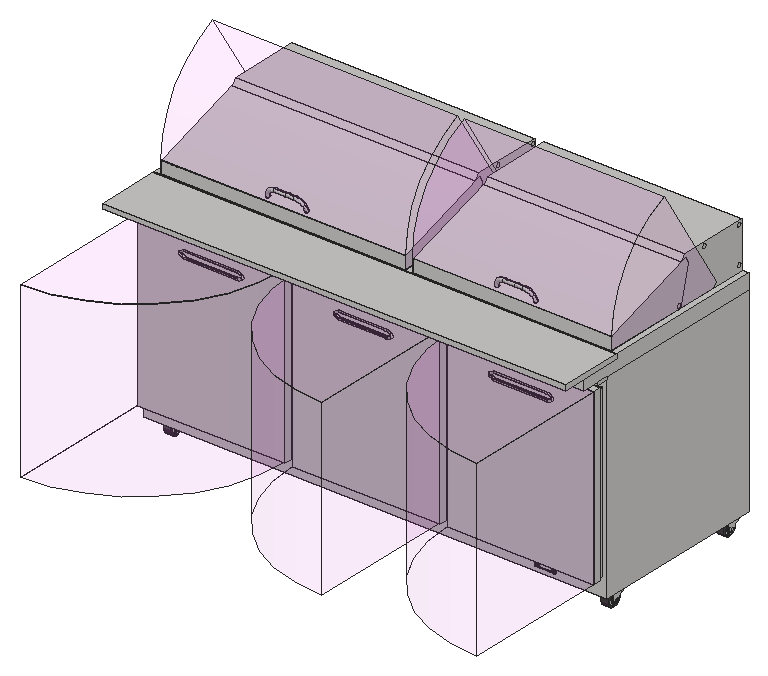
Revit family "QF_Kelvinator_738262_KCHMT70.30", category Specialty Equipment, Revit 2021
Family settings
  Round Connector Dimension = Use Diameter
  Part Type = Normal
  Work Plane-Based = No
  Always vertical = Yes
  Cut with Voids When Loaded = No
  Shared = No
  Room Calculation Point = No
Parameters
  Weight in Pounds = 291.01
  Weight = 132.00 lbm
  Watts = 0 W
  Volts = 115 V
  URL Manufacturer = "KELVINATOR"
  URL Cutsheet = ""
  URL = "KELVINATOR"
  Specification by User = ""
  Specification by Manufacturer = ""
  Serial Number = ""
  Seismic Rating = ""
  SMACNA No = ""
  Revision Code = ""
  Refrigerant Type = "R290"
  Phase = 1
  Number of Poles = 1
  NAFEM Spec ID Number = ""
  Model = "KCHMT70.30"
  Min Ckt Ampacity = 0 A
  Max Overcurrent Protection = 0 A
  Masterspec = ""
  Manufacturer = "Kelvinator"
  Length Actual = 1822"
  Length = 71 3/4"
  Item Number = "738262"
  Installed By = ""
  Identify Quantity as Lot = yes
  Height Actual = 1100"
  Height = 43.307"
  HP = "1 HP"
  Gas KW = 0
  Furnished By = ""
  Foodservice Equipment Identifier = yes
  FL Amps = 4.3 A
  Electrical Remarks = ""
  Electric Connection Type = ""
  Elec Conn RI Height = 0"
  Elec Conn Connection Height = 0"
  Description = "3-DOOR MEGA TOP PREP 72\" LONG 30-1/6 PAN"
  Depth Actual = 900"
  Depth = 35 7/16"
  Default Elevation = 0"
  Cycle = 60 Hz
  Conn Plug = "5-15P"
  Conn Conduit = yes
  CSI MasterFormat = ""
  Apparent Power = 0 VA
  Accessory = no
Reference planes (in)
  plane 1 "BACK": y = 0
  plane 2: z = 0
  plane 3 "LEFT": x = 0
  plane 4 "RIGHT": x = 71.75
  plane 5 "FRONT": y = -35.4375
  plane 6 "TOP": z = 43.307
  plane 7 "Center Y": x = 35.875
  plane 8 "Center X": y = -17.71875
Dimensions and locks (in)
  equal spacing: plane 3 "LEFT", plane 7 "Center Y", plane 4 "RIGHT"
  "Length": plane 3 "LEFT" to plane 4 "RIGHT"
  equal spacing: plane 5 "FRONT", plane 8 "Center X", plane 1 "BACK"
  "Depth": plane 5 "FRONT" to plane 1 "BACK"
  "Height": plane 6 "TOP" to level
  aligned and locked: level to plane 2
Nested families (in)
  nested 1: "KCHST" at (0, 0, 0), type "KCHST"
    with Show Clearance yes
Connectors (in)
  electrical at (35.857, -0.87772, 2.31881), driven by "Volts", driven by "Watts"
    settings: on nested 1, index 1, voltage 115 V, apparent load 0 VA, apparent load phase1 0 VA, apparent load phase2 0 VA, apparent load phase3 0 VA, power factor 1, load classification "Power", number of poles 1, system type 30, power factor state 1, is connector primary yes, connector utility no, sub classification motor no, connector description "Electrical Connection"
Definition of nested family "KCHST"
  Parameters (values of type "KCHST")
    Weight in Pounds = 0
    URL Cutsheet = ""
    Specification by User = ""
    Specification by Manufacturer = ""
    Show Clearance [instance] = yes
    Serial Number = ""
    Seismic Rating = ""
    SMACNA No = ""
    Revision Code = ""
    NAFEM Spec ID Number = ""
    Masterspec = ""
    Length = 71 3/4"
    Item Number = ""
    Installed By = ""
    Identify Quantity as Lot = yes
    Height = 43.307"
    Furnished By = ""
    Foodservice Equipment Identifier = yes
    Depth = 35.433"
    Default Elevation = 0"
    CSI MasterFormat = ""
  Reference planes (in)
    plane 1 "BACK": y = 0
    plane 2: z = 0
    plane 3 "LEFT": x = 0
    plane 4 "RIGHT": x = 71.75
    plane 5 "FRONT": y = -35.433
    plane 6 "TOP": z = 43.307
    plane 7 "Center Y": x = 35.875
    plane 8 "Center X": y = -17.7165
    plane 9: z = 3.1
    plane 10: z = 33.9
    plane 11: y = -25.5
    plane 12: z = 36.2
    plane 13: y = -56
    plane 14: y = -29.2
    plane 15: z = 32.4
    plane 16: z = 5.6
    plane 17: y = -27.5
    plane 18: x = 69.75
    plane 19: x = 2
    plane 20: x = 59.87895
    plane 21: x = 38.8
    plane 22: x = 1
    plane 23: x = 0.5
    plane 24: x = 71.25
    plane 25: x = 11.87105
    plane 26: x = 35.87895
    plane 27: x = 70.75
    plane 28: x = 40.12
    plane 29: x = 70.68
    plane 30: x = 55.4
    plane 31: x = 40.05
    plane 32: x = 1.07
    plane 33: x = 38.73
    plane 34: y = -31.9
    plane 35: through (0, -9.9541, 41.78057) normal (0, 0.9659, -0.2588)
    plane 36: x = 0.80063
    plane 37: x = 38.99937
    plane 38: x = 39.925
    plane 39: x = 70.875
  Forms (in)
    Extrusion 1, solid
      sketch origin (0, 0, 0) x (0, 1, 0) y (0, 0, 1)
        loop
          line (-27.5, 33.9) -> (-27.5, 3.1) -> (0, 3.1) -> (0, 33.9) -> (-27.5, 33.9)
      from 0 to 71.75
    Extrusion 2, solid
      sketch origin (0, 0, 0) x (0, 1, 0) y (0, 0, 1)
        loop
          line (-25.5, 36.2) -> (-25.5, 35.45) -> (-31.9, 35.45) -> (-31.9, 33.9) -> (0, 33.9) -> (0, 36.2) -> (-25.5, 36.2)
      from 0 to 71.75
    Extrusion 3, solid
      sketch origin (0, 0, 0) x (0, 1, 0) y (0, 0, 1)
        loop
          line (-35.433, 36.2) -> (-35.433, 35.45) -> (-25.5, 35.45) -> (-25.5, 36.2) -> (-35.433, 36.2)
      from 0 to 71.75
    Extrusion 4, solid
      sketch origin (0, 0, 0) x (0, 1, 0) y (0, 0, 1)
        loop
          line (-29.2, 33.9) -> (-29.2, 33.4) -> (-27.5, 33.4) -> (-27.5, 33.9) -> (-29.2, 33.9)
      from 0 to 71.75
    Extrusion 5, solid
      sketch origin (-5.72957, -27.5, -4.77927) x (-1, 0, 0) y (0, 0, 1)
        loop
          line (-66.49177, 9.70772) -> (-69.64138, 9.70772) -> (-69.64138, 8.52662) -> (-66.49177, 8.52662) -> (-66.49177, 9.70772)
        loop
          line (-66.57052, 9.63107) -> (-66.96422, 9.63107) -> (-66.96422, 9.31193) -> (-66.57052, 9.31193) -> (-66.57052, 9.63107)
        loop
          line (-66.57052, 9.27674) -> (-66.96422, 9.27674) -> (-66.96422, 8.9576) -> (-66.57052, 8.9576) -> (-66.57052, 9.27674)
        loop
          line (-66.57052, 8.92241) -> (-66.96422, 8.92241) -> (-66.96422, 8.60327) -> (-66.57052, 8.60327) -> (-66.57052, 8.92241)
        loop
          line (-69.56264, 9.63107) -> (-69.56264, 9.31193) -> (-69.16894, 9.31193) -> (-69.16894, 9.63107) -> (-69.56264, 9.63107)
        loop
          line (-69.56264, 9.27674) -> (-69.56264, 8.9576) -> (-69.16894, 8.9576) -> (-69.16894, 9.27674) -> (-69.56264, 9.27674)
        loop
          line (-69.56264, 8.92241) -> (-69.56264, 8.60327) -> (-69.16894, 8.60327) -> (-69.16894, 8.92241) -> (-69.56264, 8.92241)
        loop
          line (-67.0417, 9.63107) -> (-69.09146, 9.63107) -> (-69.09146, 8.60716) -> (-67.0417, 8.60716) -> (-67.0417, 9.63107)
      from 0.07874 to -0.04602
    Extrusion 6, solid
      sketch origin (-5.72957, -27.54602, -4.77927) x (1, 0, 0) y (0, 0, 1)
        loop
          line (69.16894, 9.63107) -> (69.16894, 9.31193) -> (69.56264, 9.31193) -> (69.56264, 9.63107) -> (69.16894, 9.63107)
        loop
          line (69.16894, 9.27674) -> (69.16894, 8.9576) -> (69.56264, 8.9576) -> (69.56264, 9.27674) -> (69.16894, 9.27674)
        loop
          line (69.16894, 8.92241) -> (69.16894, 8.60327) -> (69.56264, 8.60327) -> (69.56264, 8.92241) -> (69.16894, 8.92241)
        loop
          line (66.96422, 9.63107) -> (66.57052, 9.63107) -> (66.57052, 9.31193) -> (66.96422, 9.31193) -> (66.96422, 9.63107)
        loop
          line (66.96422, 9.27674) -> (66.57052, 9.27674) -> (66.57052, 8.9576) -> (66.96422, 8.9576) -> (66.96422, 9.27674)
        loop
          line (66.96422, 8.92241) -> (66.57052, 8.92241) -> (66.57052, 8.60327) -> (66.96422, 8.60327) -> (66.96422, 8.92241)
      from 0 to -0.07874
    Extrusion 7, solid
      sketch origin (-5.72957, -27.54602, -4.77927) x (1, 0, 0) y (0, 0, 1)
        loop
          line (67.0417, 9.63107) -> (67.0417, 8.60716) -> (69.09146, 8.60716) -> (69.09146, 9.63107) -> (67.0417, 9.63107)
      from 0 to -0.07874
    Extrusion 8, void
      sketch origin (-5.72957, -27.5, -4.77927) x (-1, 0, 0) y (0, 0, 1)
        loop
          line (-66.49177, 9.70772) -> (-69.64138, 9.70772) -> (-69.64138, 8.52662) -> (-66.49177, 8.52662) -> (-66.49177, 9.70772)
      from 0 to 0.07874
    Extrusion 9, solid
      sketch origin (-21.40625, -3.56521, 3.1) x (-1, 0, 0) y (0, 1, 0)
        loop
          circle (-57.26325, 2.68749) r 0.25
      from 0 to 0.78119
    Extrusion 10, solid
      sketch origin (35.875, 6.90541, 48) x (0, 1, 0) y (0, 0, -1)
        loop
          line (-36.10541, 15.6) -> (-34.95211, 15.6) -> (-34.95211, 42.4) -> (-36.10541, 42.4) -> (-36.10541, 15.6)
      from -12.625 to -35.357
    Extrusion 11, solid
      sketch origin (48.25, 0, 0) x (0, 1, 0) y (0, 0, -1)
        loop
          line (-28.04671, -32.20449) -> (-27.79671, -32.20449) -> (-27.79671, -5.81322) -> (-28.04671, -5.81322) -> (-28.04671, -32.20449)
      from -22.7579 to -0.5
    Extrusion 12, solid
      sketch origin (48.25, 0.25, 0) x (0, 1, 0) y (0, 0, -1)
        loop
          line (-28.04671, -32.20449) -> (-27.864, -32.20449) -> (-27.864, -5.81322) -> (-28.04671, -5.81322) -> (-28.04671, -32.20449)
      from -22.7579 to -0.5
    Extrusion 13, solid
      sketch origin (48.25, 0.4327, 0) x (0, 1, 0) y (0, 0, -1)
        loop
          line (-28.04671, -32.20449) -> (-27.9327, -32.20449) -> (-27.9327, -5.81322) -> (-28.04671, -5.81322) -> (-28.04671, -32.20449)
      from -22.7579 to -0.5
    Extrusion 14, void
      sketch origin (85.65318, -29.19996, 31.5181) x (0, 0, 1) y (1, 0, 0)
        loop
          line (-1.94791, -21.59923) -> (-2.28462, -21.06051)
          arc (-2.28462, -21.06051) -> (-2.38541, -21.00464) -> (-2.48621, -21.06051) r 0.11887
          line (-2.48621, -21.06051) -> (-2.82291, -21.59923) -> (-2.82291, -29.94923) -> (-2.48479, -30.49023)
          arc (-2.48479, -30.49023) -> (-2.38541, -30.54531) -> (-2.28604, -30.49023) r 0.11719
          line (-2.28604, -30.49023) -> (-1.94791, -29.94923) -> (-1.94791, -21.59923)
      from 0 to 0.31887
    Sweep 15, solid
      path origin (85.65318, -26.39996, 31.5181) x (0, 0, -1) y (1, 0, 0)
        loop
          line (2.82291, -29.94923) -> (2.82291, -21.59923) -> (2.48621, -21.06051)
          arc (2.48621, -21.06051) -> (2.38541, -21.00464) -> (2.28462, -21.06051) r 0.11887
          line (2.28462, -21.06051) -> (1.94791, -21.59923) -> (1.94791, -29.94923) -> (2.28604, -30.49023)
          arc (2.28604, -30.49023) -> (2.38541, -30.54531) -> (2.48479, -30.49023) r 0.11719
          line (2.48479, -30.49023) -> (2.82291, -29.94923)
      profile origin (59.87895, -26.39996, 28.69519) x (0, 0, 1) y (0, -1, 0)
        loop
          arc (0, 2.8) -> (-0.125, 2.85269) -> (-0.25, 2.8) r 0.17461
          line (-0.25, 2.8) -> (0, 2.8)
    Extrusion 16, solid
      sketch origin (35.875, 6.90541, 48) x (0, 1, 0) y (0, 0, 1)
        loop
          line (-36.10541, -15.6) -> (-36.10541, -42.4) -> (-34.95211, -42.4) -> (-34.95211, -15.6) -> (-36.10541, -15.6)
      from -12.625 to -35.375
    Extrusion 17, solid
      sketch origin (23.5, 0, 0) x (0, 1, 0) y (0, 0, 1)
        loop
          line (-28.04671, 32.20449) -> (-28.04671, 5.81322) -> (-27.79671, 5.81322) -> (-27.79671, 32.20449) -> (-28.04671, 32.20449)
      from -22.7579 to -0.5
    Extrusion 18, solid
      sketch origin (23.5, 0.25, 0) x (0, 1, 0) y (0, 0, 1)
        loop
          line (-28.04671, 32.20449) -> (-28.04671, 5.81322) -> (-27.864, 5.81322) -> (-27.864, 32.20449) -> (-28.04671, 32.20449)
      from -22.7579 to -0.5
    Extrusion 19, solid
      sketch origin (23.5, 0.4327, 0) x (0, 1, 0) y (0, 0, 1)
        loop
          line (-28.04671, 32.20449) -> (-28.04671, 5.81322) -> (-27.9327, 5.81322) -> (-27.9327, 32.20449) -> (-28.04671, 32.20449)
      from -22.7579 to -0.5
    Extrusion 20, void
      sketch origin (-13.90318, -29.19996, 31.5181) x (0, 0, 1) y (1, 0, 0)
        loop
          line (-1.94791, 21.59923) -> (-1.94791, 29.94923) -> (-2.28604, 30.49023)
          arc (-2.28604, 30.49023) -> (-2.38541, 30.54531) -> (-2.48479, 30.49023) r 0.11719
          line (-2.48479, 30.49023) -> (-2.82291, 29.94923) -> (-2.82291, 21.59923) -> (-2.48621, 21.06051)
          arc (-2.48621, 21.06051) -> (-2.38541, 21.00464) -> (-2.28462, 21.06051) r 0.11887
          line (-2.28462, 21.06051) -> (-1.94791, 21.59923)
      from 0 to 0.31887
    Sweep 21, solid
      path origin (-13.90318, -26.39996, 31.5181) x (0, 0, -1) y (1, 0, 0)
        loop
          line (2.82291, 29.94923) -> (2.48479, 30.49023)
          arc (2.48479, 30.49023) -> (2.38541, 30.54531) -> (2.28604, 30.49023) r 0.11719
          line (2.28604, 30.49023) -> (1.94791, 29.94923) -> (1.94791, 21.59923) -> (2.28462, 21.06051)
          arc (2.28462, 21.06051) -> (2.38541, 21.00464) -> (2.48621, 21.06051) r 0.11887
          line (2.48621, 21.06051) -> (2.82291, 21.59923) -> (2.82291, 29.94923)
      profile origin (11.87105, -26.39996, 28.69519) x (0, 0, -1) y (0, -1, 0)
        loop
          line (0, 2.8) -> (0.25, 2.8)
          arc (0.25, 2.8) -> (0.125, 2.85269) -> (0, 2.8) r 0.17461
    Extrusion 22, solid
      sketch origin (11.875, 6.90541, 48) x (0, 1, 0) y (0, 0, -1)
        loop
          line (-36.10541, 15.6) -> (-34.95211, 15.6) -> (-34.95211, 42.4) -> (-36.10541, 42.4) -> (-36.10541, 15.6)
      from -12.625 to -35.375
    Extrusion 23, solid
      sketch origin (24.25, 0, 0) x (0, 1, 0) y (0, 0, -1)
        loop
          line (-28.04671, -32.20449) -> (-27.79671, -32.20449) -> (-27.79671, -5.81322) -> (-28.04671, -5.81322) -> (-28.04671, -32.20449)
      from -22.7579 to -0.5
    Extrusion 24, solid
      sketch origin (24.25, 0.25, 0) x (0, 1, 0) y (0, 0, -1)
        loop
          line (-28.04671, -32.20449) -> (-27.864, -32.20449) -> (-27.864, -5.81322) -> (-28.04671, -5.81322) -> (-28.04671, -32.20449)
      from -22.7579 to -0.5
    Extrusion 25, solid
      sketch origin (24.25, 0.4327, 0) x (0, 1, 0) y (0, 0, -1)
        loop
          line (-28.04671, -32.20449) -> (-27.9327, -32.20449) -> (-27.9327, -5.81322) -> (-28.04671, -5.81322) -> (-28.04671, -32.20449)
      from -22.7579 to -0.5
    Extrusion 26, void
      sketch origin (61.65318, -29.19996, 31.5181) x (0, 0, 1) y (1, 0, 0)
        loop
          line (-1.94791, -22.47423) -> (-2.28462, -21.93551)
          arc (-2.28462, -21.93551) -> (-2.38541, -21.87964) -> (-2.48621, -21.93551) r 0.11887
          line (-2.48621, -21.93551) -> (-2.82291, -22.47423) -> (-2.82291, -29.94923) -> (-2.48479, -30.49023)
          arc (-2.48479, -30.49023) -> (-2.38541, -30.54531) -> (-2.28604, -30.49023) r 0.11719
          line (-2.28604, -30.49023) -> (-1.94791, -29.94923) -> (-1.94791, -22.47423)
      from 0 to 0.31887
    Sweep 27, solid
      path origin (61.65318, -26.39996, 31.5181) x (0, 0, -1) y (1, 0, 0)
        loop
          line (2.82291, -29.94923) -> (2.82291, -22.47423) -> (2.48621, -21.93551)
          arc (2.48621, -21.93551) -> (2.38541, -21.87964) -> (2.28462, -21.93551) r 0.11887
          line (2.28462, -21.93551) -> (1.94791, -22.47423) -> (1.94791, -29.94923) -> (2.28604, -30.49023)
          arc (2.28604, -30.49023) -> (2.38541, -30.54531) -> (2.48479, -30.49023) r 0.11719
          line (2.48479, -30.49023) -> (2.82291, -29.94923)
      profile origin (35.44145, -26.39996, 28.69519) x (0, 0, 1) y (0, -1, 0)
        loop
          arc (0, 2.8) -> (-0.125, 2.85269) -> (-0.25, 2.8) r 0.17461
          line (-0.25, 2.8) -> (0, 2.8)
    Extrusion 28, solid
      sketch origin (31.075, 0, 0) x (0, 1, 0) y (0, 0, 1)
        loop
          line (-25.25, 36.2) -> (-12.40435, 36.2003)
          arc (-12.40435, 36.2003) -> (-12.06401, 36.30019) -> (-11.82007, 36.55768) r 0.68096
          line (-11.82007, 36.55768) -> (-10.4206, 41.90007) -> (-10.85311, 42.7135) -> (-25.25, 38.08871) -> (-25.25, 36.2)
      from 8.975 to 39.675
    Extrusion 29, solid
      sketch origin (31.075, 0, 0) x (0, 1, 0) y (0, 0, 1)
        loop
          line (-12.40434, 36.2) -> (0, 36.2) -> (0, 43.307) -> (-10.99775, 43.307) -> (-11.56426, 42.49794) -> (-10.85311, 42.7135) -> (-10.4206, 41.90007) -> (-11.82007, 36.55768)
          arc (-11.82007, 36.55768) -> (-12.06401, 36.30019) -> (-12.40434, 36.2) r 0.68096
      from 9.045 to 39.605
    Extrusion 30, solid
      sketch origin (70.75, 4.25225, 0) x (0, 1, 0) y (0, 0, 1)
        loop
          circle (-16.51178, 36.72547) r 0.25
      from 0 to 0.07437
    Extrusion 31, solid
      sketch origin (70.68, -0.03482, 0) x (0, 1, 0) y (0, 0, 1)
        loop
          circle (-0.51178, 37.22547) r 0.25
      from 0 to 0.07
    Extrusion 32, solid
      sketch origin (70.68, -0.03482, 0) x (0, 1, 0) y (0, 0, 1)
        loop
          circle (-0.51178, 42.84497) r 0.25
      from 0 to 0.07
    Extrusion 33, solid
      sketch origin (70.68, -0.03482, 0) x (0, 1, 0) y (0, 0, 1)
        loop
          circle (-7.26178, 42.84497) r 0.25
      from 0 to 0.07
    Extrusion 34, solid
      sketch origin (40.05, 4.25225, 0) x (0, -1, 0) y (0, 0, 1)
        loop
          circle (16.51178, 36.72547) r 0.25
      from 0 to 0.07437
    Extrusion 35, solid
      sketch origin (40.12, 0, 0) x (0, -1, 0) y (0, 0, 1)
        loop
          circle (0.5466, 37.22547) r 0.25
      from 0 to 0.07
    Extrusion 36, solid
      sketch origin (40.12, 0, 0) x (0, -1, 0) y (0, 0, 1)
        loop
          circle (0.5466, 42.84497) r 0.25
      from 0 to 0.07
    Extrusion 37, solid
      sketch origin (40.12, 0, 0) x (0, -1, 0) y (0, 0, 1)
        loop
          circle (7.2966, 42.84497) r 0.25
      from 0 to 0.07
    Extrusion 38, solid
      sketch origin (-0.875, 0, 0) x (0, 1, 0) y (0, 0, 1)
        loop
          line (-25.25, 36.2) -> (-12.40435, 36.2003)
          arc (-12.40435, 36.2003) -> (-12.06401, 36.30019) -> (-11.82007, 36.55768) r 0.68096
          line (-11.82007, 36.55768) -> (-10.4206, 41.90007) -> (-10.85311, 42.7135) -> (-25.25, 38.08871) -> (-25.25, 36.2)
      from 1.875 to 39.675
    Extrusion 39, solid
      sketch origin (-0.875, 0, 0) x (0, 1, 0) y (0, 0, 1)
        loop
          line (-12.40434, 36.2) -> (0, 36.2) -> (0, 43.307) -> (-10.99775, 43.307) -> (-11.56426, 42.49794) -> (-10.85311, 42.7135) -> (-10.4206, 41.90007) -> (-11.82007, 36.55768)
          arc (-11.82007, 36.55768) -> (-12.06401, 36.30019) -> (-12.40434, 36.2) r 0.68096
      from 1.945 to 39.605
    Extrusion 40, solid
      sketch origin (38.8, 4.25225, 0) x (0, 1, 0) y (0, 0, 1)
        loop
          circle (-16.51178, 36.72547) r 0.25
      from 0 to 0.07437
    Extrusion 41, solid
      sketch origin (38.73, -0.03482, 0) x (0, 1, 0) y (0, 0, 1)
        loop
          circle (-0.51178, 37.22547) r 0.25
      from 0 to 0.07
    Extrusion 42, solid
      sketch origin (38.73, -0.03482, 0) x (0, 1, 0) y (0, 0, 1)
        loop
          circle (-0.51178, 42.84497) r 0.25
      from 0 to 0.07
    Extrusion 43, solid
      sketch origin (38.73, -0.03482, 0) x (0, 1, 0) y (0, 0, 1)
        loop
          circle (-7.26178, 42.84497) r 0.25
      from 0 to 0.07
    Extrusion 44, solid
      sketch origin (1.07, 0, 0) x (0, -1, 0) y (0, 0, 1)
        loop
          circle (0.5466, 37.22547) r 0.25
      from 0 to 0.07
    Extrusion 45, solid
      sketch origin (1.07, 0, 0) x (0, -1, 0) y (0, 0, 1)
        loop
          circle (0.5466, 42.84497) r 0.25
      from 0 to 0.07
    Extrusion 46, solid
      sketch origin (1.07, 0, 0) x (0, -1, 0) y (0, 0, 1)
        loop
          circle (7.2966, 42.84497) r 0.25
      from 0 to 0.07
    Sweep 47, solid
      path origin (-15.975, 3.17569, 8.01313) x (1, 0, 0) y (0, -0.29008, 0.957002)
        loop
          line (33.5625, 37.02813) -> (33.5625, 37.18438)
          arc (33.5625, 37.18438) -> (33.78217, 37.71471) -> (34.3125, 37.93438) r 0.75
          line (34.3125, 37.93438) -> (36.1875, 37.93438) -> (37.4375, 37.93438)
          arc (37.4375, 37.93438) -> (37.96783, 37.71471) -> (38.1875, 37.18438) r 0.75
          line (38.1875, 37.18438) -> (38.1875, 37.02813)
      profile origin (20.8375, -7.82832, 44.31642) x (0, -0.29008, 0.957002) y (0, -0.957002, -0.29008)
        loop
          circle (0.69146, 17.59878) r 0.25
    Extrusion 48, solid
      sketch origin (1, 0, 0) x (0, 1, 0) y (0, 0, -1)
        loop
          circle (-12.25953, -36.72547) r 0.25
      from 0 to 0.07437
    Extrusion 49, solid
      sketch origin (1.07, -0.03482, 0) x (0, 1, 0) y (0, 0, -1)
        loop
          circle (-0.51178, -37.22547) r 0.25
      from 0 to 0.07
    Extrusion 50, solid
      sketch origin (1.07, -0.03482, 0) x (0, 1, 0) y (0, 0, -1)
        loop
          circle (-0.51178, -42.84497) r 0.25
      from 0 to 0.07
    Extrusion 51, solid
      sketch origin (1.07, -0.03482, 0) x (0, 1, 0) y (0, 0, -1)
        loop
          circle (-7.26178, -42.84497) r 0.25
      from 0 to 0.07
    Sweep 52, solid
      path origin (19.525, 3.17569, 8.01313) x (1, 0, 0) y (0, -0.29008, 0.957002)
        loop
          line (33.5625, 37.02813) -> (33.5625, 37.18438)
          arc (33.5625, 37.18438) -> (33.78217, 37.71471) -> (34.3125, 37.93438) r 0.75
          line (34.3125, 37.93438) -> (36.1875, 37.93438) -> (37.4375, 37.93438)
          arc (37.4375, 37.93438) -> (37.96783, 37.71471) -> (38.1875, 37.18438) r 0.75
          line (38.1875, 37.18438) -> (38.1875, 37.02813)
      profile origin (56.3375, -7.82832, 44.31642) x (0, -0.29008, 0.957002) y (0, -0.957002, -0.29008)
        loop
          circle (0.69146, 17.59878) r 0.25
    Extrusion 53, solid, visible <- "Show Clearance"
      sketch origin (70.75, -180, 49.90154) x (0, 0, 1) y (0, -1, 0)
        loop
          line (-13.70154, -174.32802) -> (-13.07323, -175.00179) -> (3.20503, -164.88414)
          arc (3.20503, -164.88414) -> (-2.75418, -157.52052) -> (-11.81283, -154.75) r 16.19461
          line (-11.81283, -154.75) -> (-13.70154, -154.75) -> (-13.70154, -174.32802)
      from 0.125 to -30.825
    Extrusion 54, solid, visible <- "Show Clearance"
      sketch origin (35.875, -28.04671, 5.6) x (-1, 0, 0) y (0, 1, 0)
        loop
          arc (12.625, -1.15329) -> (19.28832, -17.23997) -> (35.375, -23.90329) r 22.75
          line (35.375, -23.90329) -> (35.375, -1.15329) -> (12.625, -1.15329)
        loop
          line (-11.375, -1.15329) -> (-11.375, -23.90329)
          arc (-11.375, -23.90329) -> (4.71168, -17.23997) -> (11.375, -1.15329) r 22.75
          line (11.375, -1.15329) -> (-11.375, -1.15329)
        loop
          line (-35.375, -1.15329) -> (-35.375, -23.90329)
          arc (-35.375, -23.90329) -> (-19.28832, -17.23997) -> (-12.625, -1.15329) r 22.75
          line (-12.625, -1.15329) -> (-35.375, -1.15329)
      from 0 to -26.8
    Extrusion 55, solid, visible <- "Show Clearance"
      sketch origin (1.07, 0, 0) x (0, -1, 0) y (0, 0, 1)
        loop
          line (5.67198, 36.2) -> (25.25, 36.2) -> (25.25, 38.08871)
          arc (25.25, 38.08871) -> (22.47948, 47.14736) -> (15.11586, 53.10657) r 16.19461
          line (15.11586, 53.10657) -> (4.99821, 36.8283) -> (5.67198, 36.2)
      from 0.14437 to -37.80437
  Cuts and joins
    Extrusion 8 cuts Extrusion 5
    Extrusion 14, Extrusion 20, Extrusion 26 cuts Extrusion 10
    Extrusion 20 cuts Extrusion 16
    Extrusion 26 cuts Extrusion 22
    joined: Extrusion 38, Sweep 47
    joined: Extrusion 28, Sweep 52
  Lines and regions (in)
    symbolic lines
      curve 1: line (71.75, -35.433, 0) -> (71.75, 0, 0)
      curve 2: line (71.75, 0, 0) -> (0, 0, 0)
      curve 3: line (0, 0, 0) -> (0, -35.433, 0)
      curve 4: line (0, -25.5, 0) -> (17.07409, -25.5, 0)
      curve 5: line (0, -35.433, 0) -> (71.75, -35.433, 0)
      curve 6: line (0, -25.25, 0) -> (22.07811, -25.25, 0)
      curve 7: line (1.07, -11.56426, 0) -> (38.73, -11.56426, 0)
      curve 8: line (1.07, -10.99775, 0) -> (38.73, -10.99775, 0)
      curve 9: line (38.73, -11.56426, 0) -> (38.73, 0, 0)
      curve 10: line (38.8, -12.00953, 0) -> (38.87437, -12.00953, 0)
      curve 11: line (38.8, -12.50953, 0) -> (38.87437, -12.50953, 0)
      curve 12: line (38.8, -10.4206, 0) -> (38.73, -10.4206, 0)
      curve 13: line (38.8, -10.85311, 0) -> (38.73, -10.85311, 0)
      curve 14: line (38.8, -8.0131, 0) -> (38.73, -8.0131, 0)
      curve 15: line (38.8, -7.5131, 0) -> (38.73, -7.5131, 0)
      curve 16: line (38.8, -0.7966, 0) -> (38.73, -0.7966, 0)
      curve 17: line (38.8, -0.2966, 0) -> (38.73, -0.2966, 0)
      curve 18: spline (16.64448, -24.38788, 0) -> (16.65329, -24.32979, 0) -> (16.67911, -24.27579, 0) -> (16.72012, -24.22969, 0) -> (16.77342, -24.19475, 0) -> (16.83526, -24.17343, 0) -> (16.90127, -24.16723, 0) -> (16.9668, -24.17659, 0) -> (17.02724, -24.20084, 0) -> (17.07831, -24.23829, 0) -> (17.11642, -24.28628, 0) -> (17.13888, -24.34144, 0) -> (17.14411, -24.39987, 0)
      curve 19: spline (22.65339, -24.40751, 0) -> (22.65644, -24.34832, 0) -> (22.67722, -24.29199, 0) -> (22.71422, -24.24256, 0) -> (22.76478, -24.2036, 0) -> (22.82525, -24.17792, 0) -> (22.89127, -24.16737, 0) -> (22.9581, -24.1727, 0) -> (23.02092, -24.19353, 0) -> (23.0752, -24.22836, 0) -> (23.11703, -24.27469, 0) -> (23.14339, -24.32917, 0) -> (23.1524, -24.38788, 0)
      curve 20: line (19.90625, -24.61976, 0) -> (21.5246, -24.61976, 0)
      curve 21: line (19.90625, -25.12096, 0) -> (21.61422, -25.12096, 0)
      curve 22: line (23.1524, -24.38788, 0) -> (23.1524, -24.41898, 0)
      curve 23: line (16.64448, -24.38788, 0) -> (16.64448, -24.41898, 0)
      curve 24: line (22.07811, -25.25, 0) -> (52.58335, -25.25, 0)
      curve 25: line (17.07409, -25.5, 0) -> (57.48668, -25.5, 0)
      curve 26: line (38.8, -7.5131, 0) -> (38.8, -8.0131, 0)
      curve 27: line (38.8, -10.4206, 0) -> (38.8, -25.25, 0)
      curve 28: line (38.87437, -12.00953, 0) -> (38.87437, -12.50953, 0)
      curve 29: line (38.8, -0.7966, 0) -> (38.8, -0.2966, 0)
      curve 30: line (1.07, -11.56426, 0) -> (1.07, 0, 0)
      curve 31: line (1, -12.00953, 0) -> (0.92563, -12.00953, 0)
      curve 32: line (1, -12.50953, 0) -> (0.92563, -12.50953, 0)
      curve 33: line (1, -10.4206, 0) -> (1.07, -10.4206, 0)
      curve 34: line (1, -10.85311, 0) -> (1.07, -10.85311, 0)
      curve 35: line (1, -8.0131, 0) -> (1.07, -8.0131, 0)
      curve 36: line (1, -7.5131, 0) -> (1.07, -7.5131, 0)
      curve 37: line (1, -0.7966, 0) -> (1.07, -0.7966, 0)
      curve 38: line (1, -0.2966, 0) -> (1.07, -0.2966, 0)
      curve 39: line (1, -7.5131, 0) -> (1, -8.0131, 0)
      curve 40: line (1, -10.4206, 0) -> (1, -25.25, 0)
      curve 41: line (0.92563, -12.00953, 0) -> (0.92563, -12.50953, 0)
      curve 42: line (1, -0.7966, 0) -> (1, -0.2966, 0)
      curve 43: line (40.12, -11.56426, 0) -> (70.68, -11.56426, 0)
      curve 44: line (40.12, -10.99775, 0) -> (70.68, -10.99775, 0)
      curve 45: line (70.68, -11.56426, 0) -> (70.68, 0, 0)
      curve 46: line (70.75, -12.00953, 0) -> (70.82437, -12.00953, 0)
      curve 47: line (70.75, -12.50953, 0) -> (70.82437, -12.50953, 0)
      curve 48: line (70.75, -10.4206, 0) -> (70.68, -10.4206, 0)
      curve 49: line (70.75, -10.85311, 0) -> (70.68, -10.85311, 0)
      curve 50: line (70.75, -8.0131, 0) -> (70.68, -8.0131, 0)
      curve 51: line (70.75, -7.5131, 0) -> (70.68, -7.5131, 0)
      curve 52: line (70.75, -0.7966, 0) -> (70.68, -0.7966, 0)
      curve 53: line (70.75, -0.2966, 0) -> (70.68, -0.2966, 0)
      curve 54: line (70.75, -7.5131, 0) -> (70.75, -8.0131, 0)
      curve 55: line (70.75, -10.4206, 0) -> (70.75, -25.25, 0)
      curve 56: line (70.82437, -12.00953, 0) -> (70.82437, -12.50953, 0)
      curve 57: line (70.75, -0.7966, 0) -> (70.75, -0.2966, 0)
      curve 58: line (40.12, -11.56426, 0) -> (40.12, 0, 0)
      curve 59: line (40.05, -12.00953, 0) -> (39.97563, -12.00953, 0)
      curve 60: line (40.05, -12.50953, 0) -> (39.97563, -12.50953, 0)
      curve 61: line (40.05, -10.4206, 0) -> (40.12, -10.4206, 0)
      curve 62: line (40.05, -10.85311, 0) -> (40.12, -10.85311, 0)
      curve 63: line (40.05, -8.0131, 0) -> (40.12, -8.0131, 0)
      curve 64: line (40.05, -7.5131, 0) -> (40.12, -7.5131, 0)
      curve 65: line (40.05, -0.7966, 0) -> (40.12, -0.7966, 0)
      curve 66: line (40.05, -0.2966, 0) -> (40.12, -0.2966, 0)
      curve 67: line (40.05, -7.5131, 0) -> (40.05, -8.0131, 0)
      curve 68: line (40.05, -10.4206, 0) -> (40.05, -25.25, 0)
      curve 69: line (39.97563, -12.00953, 0) -> (39.97563, -12.50953, 0)
      curve 70: line (40.05, -0.76178, 0) -> (40.05, -0.2966, 0)
      curve 71: line (52.58335, -25.25, 0) -> (71.75, -25.25, 0)
      curve 72: line (57.48668, -25.5, 0) -> (71.75, -25.5, 0)
      curve 73: arc (23.1524, -24.41898, 0) -> (23.11255, -24.62548, 0) -> (22.97997, -24.78874, 0) r 0.43229
      curve 74: arc (22.97997, -24.78874, 0) -> (22.72727, -24.93418, 0) -> (22.44712, -25.01493, 0) r 1.20975
      curve 75: arc (22.44712, -25.01493, 0) -> (22.03403, -25.09434, 0) -> (21.61422, -25.12096, 0) r 3.32428
      curve 76: arc (22.65339, -24.40751, 0) -> (22.4091, -24.50792, 0) -> (22.15246, -24.57027, 0) r 1.7433
      curve 77: arc (22.15246, -24.57027, 0) -> (21.82835, -24.6091, 0) -> (21.5021, -24.61976, 0) r 3.77215
      curve 78: line (19.90625, -24.61976, 0) -> (18.2879, -24.61976, 0)
      curve 79: line (19.90625, -25.12096, 0) -> (18.19828, -25.12096, 0)
      curve 80: arc (16.64448, -24.41898, 0) -> (16.68432, -24.62548, 0) -> (16.8169, -24.78874, 0) r 0.43229
      curve 81: arc (16.8169, -24.78874, 0) -> (17.08657, -24.94123, 0) -> (17.38612, -25.02022, 0) r 1.20975
      curve 82: arc (17.38612, -25.02022, 0) -> (17.78909, -25.09568, 0) -> (18.19828, -25.12096, 0) r 3.32428
      curve 83: arc (17.14411, -24.39987, 0) -> (17.3954, -24.5053, 0) -> (17.66004, -24.57027, 0) r 1.7433
      curve 84: arc (17.66004, -24.57027, 0) -> (17.98415, -24.6091, 0) -> (18.3104, -24.61976, 0) r 3.77215
      curve 85: spline (52.13823, -24.38788, 0) -> (52.14704, -24.32979, 0) -> (52.17286, -24.27579, 0) -> (52.21387, -24.22969, 0) -> (52.26717, -24.19475, 0) -> (52.32901, -24.17343, 0) -> (52.39502, -24.16723, 0) -> (52.46055, -24.17659, 0) -> (52.52099, -24.20084, 0) -> (52.57206, -24.23829, 0) -> (52.61017, -24.28628, 0) -> (52.63263, -24.34144, 0) -> (52.63786, -24.39987, 0)
      curve 86: spline (58.14714, -24.40751, 0) -> (58.15019, -24.34832, 0) -> (58.17097, -24.29199, 0) -> (58.20797, -24.24256, 0) -> (58.25853, -24.2036, 0) -> (58.319, -24.17792, 0) -> (58.38502, -24.16737, 0) -> (58.45185, -24.1727, 0) -> (58.51467, -24.19353, 0) -> (58.56895, -24.22836, 0) -> (58.61078, -24.27469, 0) -> (58.63714, -24.32917, 0) -> (58.64615, -24.38788, 0)
      curve 87: line (55.4, -24.61976, 0) -> (57.01835, -24.61976, 0)
      curve 88: line (55.4, -25.12096, 0) -> (57.10797, -25.12096, 0)
      curve 89: line (58.64615, -24.38788, 0) -> (58.64615, -24.41898, 0)
      curve 90: line (52.13823, -24.38788, 0) -> (52.13823, -24.41898, 0)
      curve 91: arc (58.64615, -24.41898, 0) -> (58.6063, -24.62548, 0) -> (58.47372, -24.78874, 0) r 0.43229
      curve 92: arc (58.47372, -24.78874, 0) -> (58.22102, -24.93418, 0) -> (57.94087, -25.01493, 0) r 1.20975
      curve 93: arc (57.94087, -25.01493, 0) -> (57.52778, -25.09434, 0) -> (57.10797, -25.12096, 0) r 3.32428
      curve 94: arc (58.14714, -24.40751, 0) -> (57.90285, -24.50792, 0) -> (57.64621, -24.57027, 0) r 1.7433
      curve 95: arc (57.64621, -24.57027, 0) -> (57.3221, -24.6091, 0) -> (56.99585, -24.61976, 0) r 3.77215
      curve 96: line (55.4, -24.61976, 0) -> (53.78165, -24.61976, 0)
      curve 97: line (55.4, -25.12096, 0) -> (53.69203, -25.12096, 0)
      curve 98: arc (52.13823, -24.41898, 0) -> (52.17807, -24.62548, 0) -> (52.31065, -24.78874, 0) r 0.43229
      curve 99: arc (52.31065, -24.78874, 0) -> (52.58032, -24.94123, 0) -> (52.87987, -25.02022, 0) r 1.20975
      curve 100: arc (52.87987, -25.02022, 0) -> (53.28284, -25.09568, 0) -> (53.69203, -25.12096, 0) r 3.32428
      curve 101: arc (52.63786, -24.39987, 0) -> (52.88915, -24.5053, 0) -> (53.15379, -24.57027, 0) r 1.7433
      curve 102: arc (53.15379, -24.57027, 0) -> (53.4779, -24.6091, 0) -> (53.80415, -24.61976, 0) r 3.77215
      curve 103: arc (22.40681, -35.30406, 0) -> (21.30731, -38.37844, 0) -> (19.77903, -41.26376, 0) r 22.75
      curve 104: line (9.67987, -35.433, 0) -> (19.77903, -41.26376, 0)
      curve 105: line (27.96674, -41.27139, 0) -> (38.07013, -35.433, 0)
      curve 106: arc (27.96674, -41.27139, 0) -> (26.43488, -38.38263, 0) -> (25.3331, -35.30406, 0) r 22.74237
      curve 107: line (51.95774, -41.27139, 0) -> (62.07013, -35.433, 0)
      curve 108: arc (51.95774, -41.27139, 0) -> (50.45487, -38.44365, 0) -> (49.36364, -35.433, 0) r 22.76526
  Dimensions and locks (in)
    equal spacing: plane 3 "LEFT", plane 7 "Center Y", plane 4 "RIGHT"
    "Length": plane 3 "LEFT" to plane 4 "RIGHT"
    equal spacing: plane 5 "FRONT", plane 8 "Center X", plane 1 "BACK"
    "Depth": plane 5 "FRONT" to plane 1 "BACK"
    "Height": plane 6 "TOP" to level
    level to plane 9 = 3.1"
    plane 10 to plane 9 = 30.8"
    plane 6 "TOP" to plane 10 = 9.407"
    plane 5 "FRONT" to plane 1 "BACK" = 35.433"
    plane 11 to plane 1 "BACK" = 25 1/2"
    plane 10 to plane 12 = 2.3"
    plane 13 to plane 1 "BACK" = 56"
    plane 16 to plane 15 = 26.8"
    locked: plane 4 "RIGHT" to plane 18 at 2
    locked: plane 3 "LEFT" to plane 19 at 2
    locked: plane 23 to plane 3 "LEFT" at 0.5
    locked: plane 24 to plane 4 "RIGHT" at 0.5
    plane 3 "LEFT" to plane 4 "RIGHT" = 71 3/4"
    plane 27 to plane 31 = 30.7"
    plane 22 to plane 21 = 37.8"
    plane 34 to plane 1 "BACK" = 31.9"
    plane 38 to Extrusion 53 = 0"
    aligned and locked: level to plane 2
    aligned and locked: plane 18 to nested 3
    aligned and locked: plane 18 to nested 1
    aligned and locked: nested 4 to plane 19
    aligned and locked: nested 2 to plane 19
    aligned and locked: Extrusion 1 to plane 4 "RIGHT"
    aligned and locked: Extrusion 2 to plane 4 "RIGHT"
    aligned and locked: Extrusion 4 to plane 4 "RIGHT"
    aligned and locked: Extrusion 3 to plane 4 "RIGHT"
    aligned and locked: plane 28 to Extrusion 29
    aligned and locked: Extrusion 29 to plane 29
    aligned and locked: plane 32 to Extrusion 39
    aligned and locked: Extrusion 39 to plane 33
  Automatic sketch dimensions
    curve 5 to plane 3 "LEFT" = 0"
    curve 103 to plane 14 = 0"
    curve 42 to plane 22 = 0"
    curve 32 to plane 22 = 0"
    curve 35 to plane 22 = 0"
    curve 38 to plane 32 = 0"
    plane 5 "FRONT" to curve 104 = 0"
    plane 11 to curve 4 = 0"
    curve 17 to plane 33 = 0"
    curve 26 to plane 21 = 0"
    curve 10 to plane 21 = 0"
    curve 17 to plane 21 = 0"
    curve 70 to plane 31 = 0"
    curve 64 to plane 31 = 0"
    curve 60 to plane 31 = 0"
    curve 65 to plane 31 = 0"
    curve 66 to plane 28 = 0"
    curve 106 to plane 14 = 0"
    curve 87 to plane 30 = 0"
    curve 97 to plane 30 = 0"
    curve 43 to plane 29 = 0"
    curve 50 to plane 27 = 0"
    curve 49 to plane 27 = 0"
    curve 53 to plane 27 = 0"
    curve 108 to plane 14 = 0"
    curve 71 to plane 4 "RIGHT" = 0"
    plane 1 "BACK" to curve 45 = 0"
    curve 103 to plane 23 = 0.009"
    curve 31 to curve 31 = 0.07437"
    curve 23 to plane 11 = 1.08102"
    plane 25 to curve 23 = 4 99/128"
    curve 23 to curve 4 = 0.42961"
    curve 23 to curve 80 = 0.43163"
    curve 80 to curve 81 = 0.46618"
    curve 81 to curve 83 = 0.39982"
    curve 79 to plane 11 = 0.37904"
    curve 4 to curve 79 = 1.12419"
    curve 82 to curve 84 = 0.07209"
    plane 25 to curve 104 = 7.90798"
    curve 20 to plane 11 = 0.88024"
    curve 79 to curve 20 = 1.70797"
    curve 21 to curve 20 = 0"
    curve 84 to curve 77 = 3.27176"
    curve 77 to curve 75 = 0.07209"
    curve 75 to curve 76 = 0.25617"
    curve 21 to curve 24 = 0.46389"
    curve 76 to curve 74 = 0.38419"
    curve 74 to curve 73 = 0.46618"
    curve 73 to curve 22 = 0.43163"
    curve 105 to plane 7 "Center Y" = 7.90826"
    curve 10 to curve 10 = 0.07437"
    curve 59 to plane 38 = 0.05063"
    curve 106 to plane 28 = 7.121"
    plane 30 to curve 107 = 3.44226"
    curve 90 to plane 11 = 1.11212"
    plane 30 to curve 90 = 3.26177"
    curve 90 to curve 98 = 0.43163"
    curve 24 to plane 11 = 1/4"
    curve 98 to curve 24 = 0.0135"
    curve 98 to curve 99 = 0.46618"
    curve 99 to curve 101 = 0.39982"
    curve 101 to curve 100 = 0.25617"
    curve 100 to curve 102 = 0.07209"
    curve 95 to plane 30 = 1.63588"
    curve 95 to curve 93 = 0.07209"
    curve 93 to curve 94 = 0.25617"
    curve 88 to curve 25 = 0.37871"
    curve 94 to curve 92 = 0.38419"
    curve 92 to curve 91 = 0.46618"
    curve 91 to curve 89 = 0.43163"
    curve 56 to plane 39 = 0.05063"
    curve 108 to plane 24 = 0.009"
    plane 5 "FRONT" to curve 104 = 5.83076"
    plane 5 "FRONT" to curve 107 = 5.83839"
    plane 5 "FRONT" to curve 105 = 5.83839"
    curve 97 to plane 11 = 0.37904"
    curve 88 to curve 96 = 0.5012"
    curve 91 to plane 11 = 1.05721"
    curve 98 to curve 85 = 0.05491"
    curve 80 to curve 23 = 0.02381"
    curve 6 to curve 73 = 0.80721"
    curve 91 to curve 89 = 0.02381"
    curve 90 to curve 90 = 0.03109"
    curve 73 to curve 22 = 0.02381"
    curve 80 to curve 23 = 0.03109"
    curve 22 to curve 22 = 0.03109"
    curve 89 to curve 89 = 0.03109"
    curve 73 to curve 74 = 0.6222"
    curve 91 to curve 92 = 0.6222"
    curve 80 to curve 81 = 0.6222"
    curve 98 to curve 99 = 0.6222"
    curve 81 to curve 83 = 0.97066"
    curve 74 to curve 76 = 0.97066"
    curve 92 to curve 94 = 0.97066"
    curve 99 to curve 101 = 0.97066"
    curve 76 to curve 75 = 1.05326"
    curve 83 to curve 82 = 1.05326"
    curve 101 to curve 100 = 1.05326"
    curve 94 to curve 93 = 1.05326"
    curve 100 to curve 102 = 0.94886"
    curve 82 to curve 84 = 0.94886"
    curve 93 to curve 95 = 0.94886"
    curve 75 to curve 77 = 0.94886"
    plane 8 "Center X" to curve 41 = 5.20697"
    plane 8 "Center X" to curve 60 = 5.20697"
    curve 28 to curve 60 = 0"
    plane 8 "Center X" to curve 47 = 5.20697"
    curve 60 to curve 69 = 1/2"
    curve 32 to curve 31 = 1/2"
    curve 47 to curve 56 = 1/2"
    curve 11 to curve 10 = 1/2"
    curve 59 to curve 58 = 0.44527"
    curve 10 to curve 7 = 0.44527"
    curve 43 to curve 55 = 1.14366"
    curve 7 to curve 40 = 1.14366"
    curve 7 to curve 27 = 1.14366"
    curve 43 to curve 68 = 1.14366"
    curve 48 to curve 54 = 2.4075"
    curve 12 to curve 26 = 2.4075"
    curve 14 to curve 67 = 0"
    curve 33 to curve 35 = 2.4075"
    curve 50 to curve 51 = 1/2"
    curve 14 to curve 26 = 1/2"
    curve 63 to curve 64 = 1/2"
    curve 35 to curve 39 = 1/2"
    plane 1 "BACK" to curve 37 = 0.7966"
    plane 1 "BACK" to curve 57 = 0.7966"
    plane 1 "BACK" to curve 16 = 0.7966"
    plane 1 "BACK" to curve 17 = 0.2966"
    plane 1 "BACK" to curve 53 = 0.2966"
    plane 1 "BACK" to curve 42 = 0.2966"
    plane 1 "BACK" to curve 66 = 0.2966"
    curve 104 to plane 25 = 2.19118"
    curve 81 to curve 80 = 0"
    curve 18 to curve 80 = 0.18163"
    curve 80 to curve 18 = 0.068"
    curve 82 to curve 84 = 0.27392"
    curve 83 to curve 84 = 0"
    curve 78 to curve 84 = 0.02249"
    curve 77 to curve 21 = 0.11212"
    curve 77 to curve 20 = 0.02249"
    curve 76 to curve 77 = 0"
    curve 103 to plane 5 "FRONT" = 0.12894"
    curve 6 to curve 74 = 0.36901"
    curve 76 to curve 73 = 0.06738"
    curve 73 to curve 19 = 0.18163"
    curve 106 to plane 5 "FRONT" = 0.12894"
    curve 105 to plane 33 = 0.65987"
    curve 99 to curve 98 = 0"
    curve 85 to curve 98 = 0.18163"
    curve 98 to curve 85 = 0.068"
    curve 100 to curve 101 = 0.27392"
    curve 102 to curve 101 = 0"
    curve 96 to curve 102 = 0.02249"
    curve 95 to curve 93 = 0.11212"
    curve 95 to curve 87 = 0.02249"
    curve 94 to curve 95 = 0"
    curve 93 to plane 11 = 0.48507"
    curve 94 to curve 91 = 0.06738"
    curve 91 to curve 86 = 0.18163"
    curve 107 to plane 20 = 2.19118"
    curve 7 to curve 8 = 0.56651"
    curve 43 to curve 44 = 0.56651"
    curve 44 to curve 49 = 0.14464"
    curve 8 to curve 34 = 0.14464"
    curve 44 to curve 62 = 0.14464"
    curve 8 to curve 13 = 0.14464"
    curve 65 to curve 66 = 1/2"
    curve 65 to curve 70 = 0.03482"
    plane 9 to Extrusion 1 sketch curve = 0"
    Extrusion 1 sketch curve to plane 17 = 0"
    Extrusion 1 sketch curve to plane 1 "BACK" = 0"
    Extrusion 1 sketch curve to plane 10 = 0"
    Extrusion 2 sketch curve to plane 10 = 0"
    Extrusion 2 sketch curve to plane 34 = 0"
    Extrusion 2 sketch curve to plane 11 = 0"
    Extrusion 2 sketch curve to plane 1 "BACK" = 0"
    plane 12 to Extrusion 2 sketch curve = 0"
    Extrusion 2 sketch curve to Extrusion 2 sketch curve = 3/4"
    Extrusion 3 sketch curve to plane 5 "FRONT" = 0"
    Extrusion 3 sketch curve to plane 11 = 0"
    plane 12 to Extrusion 3 sketch curve = 0"
    Extrusion 3 sketch curve to Extrusion 3 sketch curve = 3/4"
    Extrusion 4 sketch curve to plane 10 = 0"
    Extrusion 4 sketch curve to plane 14 = 0"
    Extrusion 4 sketch curve to plane 17 = 0"
    Extrusion 4 sketch curve to Extrusion 4 sketch curve = 1/2"
    plane 16 to Extrusion 5 sketch curve = 0.67154"
    Extrusion 5 sketch curve to plane 20 = 4.03286"
    Extrusion 5 sketch curve to Extrusion 5 sketch curve = 0.07874"  (x3)
    Extrusion 5 sketch curve to Extrusion 5 sketch curve = 0"  (x8)
    Extrusion 5 sketch curve to Extrusion 5 sketch curve = 0.3937"  (x2)
    Extrusion 5 sketch curve to Extrusion 5 sketch curve = 0.07748"  (x3)
    Extrusion 5 sketch curve to plane 20 = 1.43318"
    Extrusion 5 sketch curve to Extrusion 5 sketch curve = 0.07665"  (x2)
    Extrusion 5 sketch curve to Extrusion 5 sketch curve = 0.31914"  (x6)
    Extrusion 5 sketch curve to Extrusion 5 sketch curve = 0.03519"  (x4)
    Extrusion 5 sketch curve to Extrusion 5 sketch curve = 0.31525"
    Extrusion 5 to Extrusion 6 sketch curve = 0"  (x10)
    Extrusion 6 sketch curve to Extrusion 5 = 0"  (x14)
    Extrusion 7 sketch curve to Extrusion 5 = 0"  (x3)
    Extrusion 5 to Extrusion 7 sketch curve = 0"
    plane 16 to Extrusion 8 sketch curve = 0.67154"
    Extrusion 8 sketch curve to plane 20 = 4.03286"
    Extrusion 8 sketch curve to plane 20 = 0.88326"
    Extrusion 8 sketch curve to plane 9 = 0.64735"
    Extrusion 1 to Extrusion 9 sketch curve = 0.87772"
    Extrusion 9 sketch curve to Extrusion 1 = 35.857"
    Extrusion 10 sketch curve to plane 14 = 0"
    plane 16 to Extrusion 10 sketch curve = 0"
    plane 15 to Extrusion 10 sketch curve = 0"
    Extrusion 10 sketch curve to plane 17 = 0.54671"
    Extrusion 11 sketch curve to plane 16 = 0.21322"
    Extrusion 11 sketch curve to plane 17 = 0.54671"
    Extrusion 11 sketch curve to Extrusion 11 sketch curve = 1/4"
    plane 15 to Extrusion 11 sketch curve = 0.19551"
    Extrusion 12 sketch curve to plane 17 = 0.29671"
    Extrusion 12 sketch curve to plane 17 = 0.114"
    plane 15 to Extrusion 12 sketch curve = 0.19551"
    Extrusion 12 sketch curve to plane 16 = 0.21322"
    Extrusion 13 sketch curve to plane 17 = 0"
    Extrusion 13 sketch curve to Extrusion 13 sketch curve = 0.114"
    plane 15 to Extrusion 13 sketch curve = 0.19551"
    Extrusion 13 sketch curve to plane 16 = 0.21322"
    Extrusion 14 sketch curve to plane 30 = 0.30395"  (x2)
    plane 15 to Extrusion 14 sketch curve = 3.70481"
    Extrusion 14 sketch curve to Extrusion 14 sketch curve = 0.3367"
    plane 30 to Extrusion 14 sketch curve = 0.23705"  (x2)
    Extrusion 14 sketch curve to Extrusion 14 sketch curve = 0.33813"  (x2)
    Extrusion 14 sketch curve to Extrusion 14 sketch curve = 0.09937"
    Extrusion 14 sketch curve to Extrusion 14 sketch curve = 0.1008"  (x2)
    Extrusion 14 sketch curve to Extrusion 14 sketch curve = 0.06211"
    Extrusion 14 sketch curve to plane 20 = 4.175"
    Extrusion 14 sketch curve to Extrusion 14 sketch curve = 0"
    Extrusion 14 sketch curve to Extrusion 14 sketch curve = 0.47572"
    Extrusion 14 sketch curve to Extrusion 14 sketch curve = 0.063"
    plane 15 to Sweep 15 sketch curve = 2.82981"
    Sweep 15 sketch curve to Sweep 15 sketch curve = 0.3367"
    plane 30 to Sweep 15 sketch curve = 0.23705"  (x2)
    Sweep 15 sketch curve to Sweep 15 sketch curve = 0.33813"  (x2)
    Sweep 15 sketch curve to Sweep 15 sketch curve = 0.09937"
    Sweep 15 sketch curve to Sweep 15 sketch curve = 0.1008"  (x2)
    Sweep 15 sketch curve to plane 30 = 0.30395"  (x2)
    Sweep 15 sketch curve to Sweep 15 sketch curve = 0.06211"
    Sweep 15 sketch curve to plane 20 = 4.175"
    Sweep 15 sketch curve to Sweep 15 sketch curve = 0"
    Sweep 15 sketch curve to Sweep 15 sketch curve = 0.47572"
    Sweep 15 sketch curve to Sweep 15 sketch curve = 0.063"
    profile plane to Sweep 15 sketch curve = 0"
    profile plane to Sweep 15 sketch curve = 1/8"
    profile plane to Sweep 15 sketch curve = 2.67809"
    Sweep 15 sketch curve to Sweep 15 sketch curve = 0.12191"
    Extrusion 16 sketch curve to plane 14 = 0"
    plane 16 to Extrusion 16 sketch curve = 0"
    plane 15 to Extrusion 16 sketch curve = 0"
    Extrusion 16 sketch curve to plane 17 = 0.54671"
    Extrusion 17 sketch curve to plane 16 = 0.21322"
    Extrusion 17 sketch curve to plane 17 = 0.54671"
    Extrusion 17 sketch curve to Extrusion 17 sketch curve = 1/4"
    plane 15 to Extrusion 17 sketch curve = 0.19551"
    Extrusion 18 sketch curve to plane 17 = 0.29671"
    Extrusion 18 sketch curve to plane 17 = 0.114"
    Extrusion 18 sketch curve to plane 16 = 0.21322"
    plane 15 to Extrusion 18 sketch curve = 0.19551"
    Extrusion 19 sketch curve to plane 17 = 0"
    Extrusion 19 sketch curve to Extrusion 19 sketch curve = 0.114"
    Extrusion 19 sketch curve to plane 16 = 0.21322"
    plane 15 to Extrusion 19 sketch curve = 0.19551"
    plane 15 to Extrusion 20 sketch curve = 3.70481"
    Extrusion 20 sketch curve to Extrusion 20 sketch curve = 0.3367"
    Extrusion 20 sketch curve to Extrusion 20 sketch curve = 0.33813"  (x2)
    Extrusion 20 sketch curve to Extrusion 20 sketch curve = 0.09937"  (x2)
    Extrusion 20 sketch curve to Extrusion 20 sketch curve = 0.1008"  (x2)
    Extrusion 20 sketch curve to plane 25 = 4.71372"
    Extrusion 20 sketch curve to Extrusion 20 sketch curve = 0.063"
    Extrusion 20 sketch curve to Extrusion 20 sketch curve = 0.53872"  (x2)
    plane 25 to Extrusion 20 sketch curve = 4.175"
    Extrusion 20 sketch curve to Extrusion 20 sketch curve = 0"
    Extrusion 20 sketch curve to Extrusion 20 sketch curve = 0.47889"
    Extrusion 20 sketch curve to Extrusion 20 sketch curve = 0.06211"
    plane 15 to Sweep 21 sketch curve = 2.82981"
    Sweep 21 sketch curve to Sweep 21 sketch curve = 0.3367"
    Sweep 21 sketch curve to Sweep 21 sketch curve = 0.33813"  (x2)
    Sweep 21 sketch curve to Sweep 21 sketch curve = 0.09937"  (x2)
    Sweep 21 sketch curve to Sweep 21 sketch curve = 0.1008"  (x2)
    Sweep 21 sketch curve to plane 25 = 4.71372"
    Sweep 21 sketch curve to Sweep 21 sketch curve = 0.063"
    Sweep 21 sketch curve to Sweep 21 sketch curve = 0.53872"  (x2)
    plane 25 to Sweep 21 sketch curve = 4.175"
    Sweep 21 sketch curve to Sweep 21 sketch curve = 0"
    Sweep 21 sketch curve to Sweep 21 sketch curve = 0.47889"
    Sweep 21 sketch curve to Sweep 21 sketch curve = 0.06211"
    Sweep 21 sketch curve to profile plane = 0"
    Sweep 21 sketch curve to profile plane = 1/8"
    profile plane to Sweep 21 sketch curve = 2.67809"
    Sweep 21 sketch curve to Sweep 21 sketch curve = 0.12191"
    Extrusion 22 sketch curve to plane 14 = 0"
    plane 16 to Extrusion 22 sketch curve = 0"
    plane 15 to Extrusion 22 sketch curve = 0"
    Extrusion 22 sketch curve to plane 17 = 0.54671"
    Extrusion 23 sketch curve to plane 16 = 0.21322"
    Extrusion 23 sketch curve to plane 17 = 0.54671"
    Extrusion 23 sketch curve to Extrusion 23 sketch curve = 1/4"
    plane 15 to Extrusion 23 sketch curve = 0.19551"
    Extrusion 24 sketch curve to plane 17 = 0.29671"
    Extrusion 24 sketch curve to plane 17 = 0.114"
    plane 15 to Extrusion 24 sketch curve = 0.19551"
    Extrusion 24 sketch curve to plane 16 = 0.21322"
    Extrusion 25 sketch curve to plane 17 = 0"
    Extrusion 25 sketch curve to Extrusion 25 sketch curve = 0.114"
    plane 15 to Extrusion 25 sketch curve = 0.19551"
    Extrusion 25 sketch curve to plane 16 = 0.21322"
    plane 15 to Extrusion 26 sketch curve = 3.70481"
    plane 38 to Extrusion 26 sketch curve = 0.20733"  (x2)
    Extrusion 26 sketch curve to Extrusion 26 sketch curve = 0.3367"
    Extrusion 26 sketch curve to Extrusion 26 sketch curve = 0.33813"  (x2)
    Extrusion 26 sketch curve to Extrusion 26 sketch curve = 0.09937"  (x2)
    Extrusion 26 sketch curve to Extrusion 26 sketch curve = 0.1008"
    Extrusion 26 sketch curve to Extrusion 26 sketch curve = 0.063"
    plane 37 to Extrusion 26 sketch curve = 0.17958"  (x2)
    Extrusion 26 sketch curve to plane 7 "Center Y" = 4.17105"
    Extrusion 26 sketch curve to Extrusion 26 sketch curve = 0"
    Extrusion 26 sketch curve to Extrusion 26 sketch curve = 0.47889"
    Extrusion 26 sketch curve to Extrusion 26 sketch curve = 0.06211"
    plane 37 to Sweep 27 sketch curve = 0.17958"  (x2)
    plane 15 to Sweep 27 sketch curve = 2.82981"
    plane 38 to Sweep 27 sketch curve = 0.20733"  (x2)
    Sweep 27 sketch curve to Sweep 27 sketch curve = 0.3367"
    Sweep 27 sketch curve to Sweep 27 sketch curve = 0.33813"  (x2)
    Sweep 27 sketch curve to Sweep 27 sketch curve = 0.09937"  (x2)
    Sweep 27 sketch curve to Sweep 27 sketch curve = 0.1008"
    Sweep 27 sketch curve to plane 7 "Center Y" = 4.17105"
    Sweep 27 sketch curve to Sweep 27 sketch curve = 0"
    Sweep 27 sketch curve to Sweep 27 sketch curve = 0.47889"
    Sweep 27 sketch curve to Sweep 27 sketch curve = 0.06211"
    Sweep 27 sketch curve to Sweep 27 sketch curve = 0.063"
    profile plane to Sweep 27 sketch curve = 0"
    profile plane to Sweep 27 sketch curve = 1/8"
    profile plane to Sweep 27 sketch curve = 2.67809"
    Sweep 27 sketch curve to Sweep 27 sketch curve = 0.12191"
    plane 12 to Extrusion 28 sketch curve = 0"
    Extrusion 28 sketch curve to plane 11 = 1/4"
    Extrusion 28 sketch curve to plane 12 = 0.6811"
    plane 8 "Center X" to Extrusion 28 sketch curve = 5.29717"
    Extrusion 28 sketch curve to plane 12 = 0.35768"
    Extrusion 28 sketch curve to Extrusion 28 sketch curve = 0.59925"
    Extrusion 28 sketch curve to plane 6 "TOP" = 0.5935"
    Extrusion 28 sketch curve to Extrusion 28 sketch curve = 1.56621"
    Extrusion 28 sketch curve to plane 6 "TOP" = 1.40693"
    Extrusion 28 sketch curve to Extrusion 28 sketch curve = 0.43251"
    Extrusion 28 sketch curve to plane 12 = 1.88871"
    Extrusion 28 sketch curve to plane 12 = 0.0003"
    Extrusion 28 sketch curve to Extrusion 28 sketch curve = 0"
    plane 12 to Extrusion 29 sketch curve = 0"
    Extrusion 29 sketch curve to plane 6 "TOP" = 0"
    Extrusion 29 sketch curve to plane 1 "BACK" = 0"
    Extrusion 29 sketch curve to plane 6 "TOP" = 1.40693"
    plane 8 "Center X" to Extrusion 29 sketch curve = 7.2959"
    Extrusion 29 sketch curve to plane 6 "TOP" = 0.5935"
    Extrusion 29 sketch curve to Extrusion 29 sketch curve = 0.43251"
    Extrusion 29 sketch curve to Extrusion 29 sketch curve = 0.14464"
    Extrusion 29 sketch curve to plane 6 "TOP" = 0.80906"
    Extrusion 29 sketch curve to Extrusion 29 sketch curve = 0.71115"
    Extrusion 29 sketch curve to plane 12 = 0.35768"
    Extrusion 29 sketch curve to Extrusion 29 sketch curve = 1.39947"
    Extrusion 29 sketch curve to Extrusion 29 sketch curve = 0.59925"
    Extrusion 29 sketch curve to Extrusion 29 sketch curve = 0.32342"
    Extrusion 29 sketch curve to Extrusion 29 sketch curve = 0.01499"
    Extrusion 29 sketch curve to plane 12 = 0.0003"
    Extrusion 30 sketch curve to Extrusion 28 = 0.52547"
    Extrusion 30 sketch curve to Extrusion 28 = 12.99047"
    Extrusion 31 sketch curve to Extrusion 29 = 0.5466"
    Extrusion 31 sketch curve to Extrusion 29 = 1.02547"
    Extrusion 32 sketch curve to Extrusion 29 = 0.5466"
    Extrusion 32 sketch curve to Extrusion 29 = 0.46203"
    Extrusion 33 sketch curve to Extrusion 29 = 0.46203"
    Extrusion 33 sketch curve to Extrusion 29 = 7.2966"
    Extrusion 34 sketch curve to Extrusion 28 = 0.52547"
    Extrusion 34 sketch curve to Extrusion 28 = 12.99047"
    Extrusion 35 sketch curve to Extrusion 29 = 0.5466"
    Extrusion 35 sketch curve to Extrusion 29 = 1.02547"
    Extrusion 36 sketch curve to Extrusion 29 = 0.5466"
    Extrusion 36 sketch curve to Extrusion 29 = 0.46203"
    Extrusion 37 sketch curve to Extrusion 29 = 0.46203"
    Extrusion 37 sketch curve to Extrusion 29 = 7.2966"
    plane 12 to Extrusion 38 sketch curve = 0"
    Extrusion 38 sketch curve to plane 11 = 1/4"
    Extrusion 38 sketch curve to plane 12 = 0.6811"
    plane 8 "Center X" to Extrusion 38 sketch curve = 5.29717"
    Extrusion 38 sketch curve to plane 12 = 0.35768"
    Extrusion 38 sketch curve to Extrusion 38 sketch curve = 0.59925"
    Extrusion 38 sketch curve to plane 6 "TOP" = 0.5935"
    Extrusion 38 sketch curve to Extrusion 38 sketch curve = 1.56621"
    Extrusion 38 sketch curve to plane 6 "TOP" = 1.40693"
    Extrusion 38 sketch curve to Extrusion 38 sketch curve = 0.43251"
    Extrusion 38 sketch curve to plane 12 = 1.88871"
    Extrusion 38 sketch curve to plane 12 = 0.0003"
    Extrusion 38 sketch curve to Extrusion 38 sketch curve = 0"
    plane 12 to Extrusion 39 sketch curve = 0"
    Extrusion 39 sketch curve to plane 6 "TOP" = 0"
    Extrusion 39 sketch curve to plane 1 "BACK" = 0"
    Extrusion 39 sketch curve to plane 6 "TOP" = 1.40693"
    plane 8 "Center X" to Extrusion 39 sketch curve = 7.2959"
    Extrusion 39 sketch curve to plane 6 "TOP" = 0.5935"
    Extrusion 39 sketch curve to Extrusion 39 sketch curve = 0.43251"
    Extrusion 39 sketch curve to Extrusion 39 sketch curve = 0.14464"
    Extrusion 39 sketch curve to plane 6 "TOP" = 0.80906"
    Extrusion 39 sketch curve to Extrusion 39 sketch curve = 0.71115"
    Extrusion 39 sketch curve to plane 12 = 0.35768"
    Extrusion 39 sketch curve to Extrusion 39 sketch curve = 1.39947"
    Extrusion 39 sketch curve to Extrusion 39 sketch curve = 0.59925"
    Extrusion 39 sketch curve to Extrusion 39 sketch curve = 0.32342"
    Extrusion 39 sketch curve to Extrusion 39 sketch curve = 0.01499"
    Extrusion 39 sketch curve to plane 12 = 0.0003"
    Extrusion 40 sketch curve to Extrusion 38 = 0.52547"
    Extrusion 40 sketch curve to Extrusion 38 = 12.99047"
    Extrusion 41 sketch curve to Extrusion 39 = 0.5466"
    Extrusion 41 sketch curve to Extrusion 39 = 1.02547"
    Extrusion 42 sketch curve to Extrusion 39 = 0.5466"
    Extrusion 42 sketch curve to Extrusion 39 = 0.46203"
    Extrusion 43 sketch curve to Extrusion 39 = 0.46203"
    Extrusion 43 sketch curve to Extrusion 39 = 7.2966"
    Extrusion 44 sketch curve to Extrusion 39 = 0.5466"
